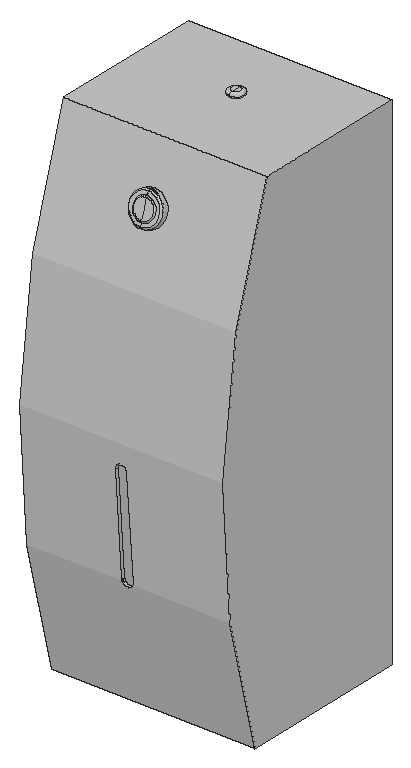
Revit family
Parameters (values of type "STRX625")
  URL = "http://www.franke.com/washroomsystems/main/en/home.html"
  Revised Date = "02/09/2012"
  Product URL = "http://www.franke.com/washroomsystems/main/en/home/our_products/allproducts/all/201/201-102/ag-strx625/strx625_detail.html"
  Phone # = "416.250.5656"
  Model = "STRX625"
  Material = Stainless Steel
  Manufacturer = "Franke Commercial"
  Designed By = "ATS BIM Team"
  Description = "Franke Commercial ‘STRATOS’ #STRX625 Liquid Battery Powered ‘No Touch’ Soap Dispenser  11-15/16” H x 4-3/4” W x 4-15/16” D (303mm x 120mm x 126mm), wall mounted, manufactured from heavy duty 16 gauge (1.5mm), grade 18-10 type 304 stainless steel with satin surface finished in patented InoxPlus® to minimize finger marks and ensure easy cleanup, curved front, includes 27 oz. (800mL) container for liquid soap, inspection window on front, infrared sensor for non-touch operation, LED showing battery status, six (6) 1.5V alkaline AA batteries, standard Franke keyed cylinder lock and mounting hardware.  Provide adequate backing in wall for support and comply to local codes for barrier-free requirements."
  Assembly Code = "E1090"
Reference planes (in)
  plane 1 "Center (Front/Back)": y = 0
  plane 2: z = 0
  plane 3 "Center (Left/Right)": x = 0
  plane 4: through (0, -4.99485, 23.42373) normal (0, 0.3169, 0.9484)
  plane 5: z = 11.9375
  plane 6: x = -2.375
  plane 7: x = 2.375
  plane 8: y = -4.9375
Forms (in)
  Extrusion 1, solid, material "Stainless Steel" <- "Material"
    sketch origin (0, 0.31913, -12.53485) x (0, 1, 0) y (0, 0, 1)
      loop
        line (-4.32122, 12.53485) -> (-4.25496, 12.53485)
        arc (-4.25496, 12.53485) -> (-5.18747, 18.49427) -> (-3.91186, 24.38979) r 16.47064
        line (-3.91186, 24.38979) -> (-3.97961, 24.38979)
        arc (-3.97961, 24.38979) -> (-5.25, 18.49401) -> (-4.32122, 12.53485) r 16.53314
    from -2.375 to 2.375
  Extrusion 2, void
    sketch origin (0, 0.5, -12.88189) x (1, 0, 0) y (0, 0, 1)
      loop
        line (-0.1378, 18.27679) -> (-0.1378, 15.87885)
        arc (-0.1378, 15.87885) -> (0, 15.74105) -> (0.1378, 15.87885) r 0.1378
        line (0.1378, 15.87885) -> (0.1378, 18.27679)
        arc (0.1378, 18.27679) -> (0, 18.41458) -> (-0.1378, 18.27679) r 0.1378
    from 4.90973 to 5.93619
  Extrusion 3, solid, material "Stainless Steel" <- "Material"
    sketch origin (0, 0, -12.43759) x (0, 1, 0) y (0, 0, 1)
      loop
        line (-4.0021, 12.43759) -> (-0.51181, 12.43759) -> (-0.51181, 24.29254) -> (-3.66049, 24.29254) -> (-3.66049, 24.2404) -> (-0.54306, 24.2404) -> (-0.54306, 12.46884) -> (-4.0021, 12.46884) -> (-4.0021, 12.43759)
    from -2.375 to 2.375
  Revolve 4, solid, material "Stainless Steel" <- "Material"
    sketch origin (0, 0.9016, -12.88189) x (0, 1, 0) y (0, 0, 1)
      loop
        arc (-5.0855, 23.72384) -> (-5.10053, 23.72278) -> (-5.11041, 23.71141) r 0.01969
        line (-5.11041, 23.71141) -> (-5.18528, 23.48737) -> (-4.99485, 23.42373) -> (-4.87006, 23.79713) -> (-5.00075, 23.8408) -> (-5.05057, 23.81594) -> (-5.08177, 23.72259)
      axis (-5.18528, 23.48737) -> (-4.99485, 23.42373)
    angle from 0 to 360
  Revolve 5, solid, material "Stainless Steel" <- "Material"
    sketch origin (0, 0, -12.49732) x (0, 1, 0) y (0, 0, 1)
      loop
        line (-1.5748, 24.31155) -> (-1.5748, 24.43474) -> (-1.69291, 24.43474)
        arc (-1.69291, 24.43474) -> (-1.73957, 24.41579) -> (-1.75982, 24.36968) r 0.06693
        line (-1.75982, 24.36968) -> (-1.75982, 24.31155) -> (-1.5748, 24.31155)
      axis (-1.5748, 24.43474) -> (-1.5748, 24.31155)
    angle from 0 to 360
  Extrusion 6, solid, material "Stainless Steel" <- "Material"
    sketch origin (0, 0, -12.88189) x (0, 1, 0) y (0, 0, 1)
      loop
        line (0, 24.73684) -> (-0.51181, 24.73684) -> (-0.51181, 12.88189) -> (0, 12.88189) -> (0, 24.73684)
    from -2.375 to 2.375
  Extrusion 7, solid, material "Stainless Steel" <- "Material"
    sketch origin (-3.53051, 0, -12.88189) x (0, 1, 0) y (0, 0, -1)
      loop
        line (-0.51181, -12.88189) -> (-4.0021, -12.88189)
        arc (-4.0021, -12.88189) -> (-4.93087, -18.84105) -> (-3.66049, -24.73684) r 16.53314
        line (-3.66049, -24.73684) -> (-0.51181, -24.73684) -> (-0.51181, -12.88189)
    from -5.90551 to -5.87426
  Extrusion 8, solid, material "Stainless Steel" <- "Material"
    sketch origin (3.53051, 0, -12.88189) x (0, 1, 0) y (0, 0, 1)
      loop
        line (-0.51181, 12.88189) -> (-0.51181, 24.73684) -> (-3.66049, 24.73684)
        arc (-3.66049, 24.73684) -> (-4.93087, 18.84105) -> (-4.0021, 12.88189) r 16.53314
        line (-4.0021, 12.88189) -> (-0.51181, 12.88189)
    from -5.90551 to -5.87426
Cuts and joins
  Extrusion 2 cuts Extrusion 1
  joined: Extrusion 1, Extrusion 3, Revolve 5, Extrusion 6, Extrusion 7, Extrusion 8
Dimensions and locks (in)
  plane 5 to plane 2 = 11 15/16"
  plane 7 to plane 6 = 4 3/4"
  plane 1 "Center (Front/Back)" to plane 8 = 4 15/16"
